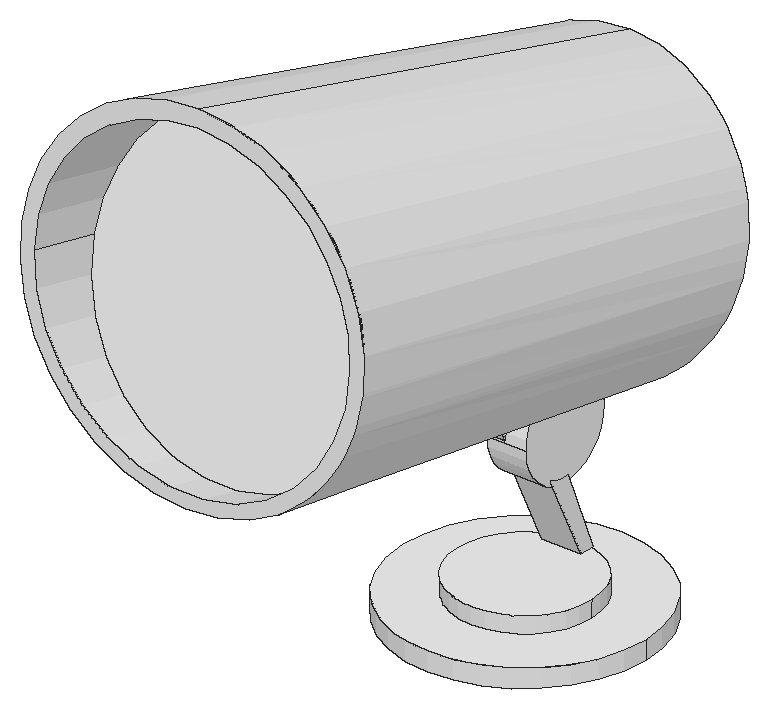
Revit family "Lighting-Accent-Acclaim-Dyna Accent Color", category Lighting Fixtures, host Face, Revit 2017
Family settings
  Host = Face
  Round Connector Dimension = Use Diameter
  Part Type = Normal
  Cut with Voids When Loaded = No
  Light Source = Yes
  Shared = No
  Room Calculation Point = No
Parameters (values of type "Dyna Accent Color")
  Wattage = 9.2903 W
  built-in parameter 1150110 = 1 (stored number, unit not read)
  Voltage = 0 V
  URL = "http://www.acclaimlighting.com/"
  built-in parameter 1114217 = 1 (stored number, unit not read)
  Tilt Angle = -90.00°
  built-in parameter 1150109 = 1 (stored number, unit not read)
  built-in parameter 1150134 = 3
  built-in parameter 1150113 = 1 (stored number, unit not read)
  Power Factor = 1
  Photometric Web File = "Load File"
  Number of Poles = 1
  built-in parameter 1150142 = (empty or 0)
  Model = "Dyna Accent Color"
  Manufacturer = "Acclaim Lighting"
  built-in parameter 1150105 = 109.82 (stored number, unit not read)
  Lumens = 1380 lm
  built-in parameter 1150115 = 1 (stored number, unit not read)
  built-in parameter 1150137 = (empty or 0)
  built-in parameter 1150139 = (empty or 0)
  built-in parameter 1150112 = 1 (stored number, unit not read)
  built-in parameter 1150114 = 1 (stored number, unit not read)
  Lamp = "LED"
  built-in parameter 1150132 = (empty or 0)
  built-in parameter 1150102 = (empty or 0)
  built-in parameter 1150107 = 3200 (stored number, unit not read)
  built-in parameter 1150138 = (empty or 0)
  built-in parameter 1150106 = 1.0982 (stored number, unit not read)
  Housing Finish = Aluminum
  Emit from Circle Diameter = 6.00"
  Emit Shape Visible in Rendering = no
  built-in parameter 1150104 = 13.8 (stored number, unit not read)
  Dimming Lamp Color Temperature Shift = <None>
  Description = "Accent Fixture"
  Default Elevation = 48.00"
  Color Filter = 16777215
  built-in parameter 1114218 = 1 (stored number, unit not read)
  built-in parameter 1150133 = 10 (stored number, unit not read)
  Apparent Load = 0 VA
Reference planes (in)
  plane 1 "Center (Front/Back)": y = 0
  plane 2: z = 0
  plane 3 "Center (Left/Right)": x = 0
  plane 4: x = -19.69922
  plane 5: x = 19.69922
  plane 6: y = 3.09961
  plane 7: z = 6.9048
  plane 8: y = -3.09961
  plane 9: y = -7.96156
Forms (in)
  Revolve 1, solid, material "Aluminum" <- "Housing Finish"
    sketch origin (0, -1.0887, -0.65067) x (0, 0.970296, -0.241922) y (0, 0.241922, 0.970296)
      loop
        line (-9.85895, 11.1368) -> (-9.85895, 7.5456) -> (2.04902, 7.5456)
        arc (2.04902, 7.5456) -> (1.99698, 9.04839) -> (1.73543, 10.52916) r 10.73346
        line (1.73543, 10.52916) -> (-9.85895, 11.1368)
      axis (-9.85895, 7.5456) -> (2.04902, 7.5456)
    angle from 0 to 360
  Extrusion 2, void
    sketch origin (0, -1.68006, -0.50323) x (0, 0.970296, -0.241922) y (0, 0.241922, 0.970296)
      loop
        line (-9.22334, 11.13684) -> (-9.55271, 11.13684) -> (-9.55271, 3.91328) -> (-7.77604, 3.91328) -> (-9.22334, 11.13684)
    from -3.66913 to 4.1117
  Extrusion 3, solid, material "Aluminum" <- "Housing Finish"
    sketch origin (0, 0, 0) x (0, 1, 0) y (0, 0, 1)
      loop
        circle (0.48705, 3.22469) r 1
    from 0 to 0.8013
  Extrusion 4, solid, material "Aluminum" <- "Housing Finish"
    sketch origin (0, 0, 0) x (0, 1, 0) y (0, 0, 1)
      loop
        line (-1.30758, 4.38498) -> (-0.77725, 3.85465) -> (-0.35463, 2.94834)
        arc (-0.35463, 2.94834) -> (0.86075, 2.41238) -> (1.23141, 3.68792) r 0.88274
        line (1.23141, 3.68792) -> (0.69274, 4.53044) -> (-1.30758, 4.38498)
    from 0 to 0.35636
  Extrusion 5, solid, material "Aluminum" <- "Housing Finish"
    sketch origin (0.5, -0.1875, 0) x (1, 0, 0) y (0, 1, 0)
      loop
        circle (0, 0.02065) r 2.5
    from 0 to 0.38352
  Extrusion 6, solid, material "Aluminum" <- "Housing Finish"
    sketch origin (0.5, -0.20312, 0) x (1, 0, 0) y (0, 1, 0)
      loop
        circle (0, 0.03143) r 1.38041
    from 0.38352 to 0.71748
  Extrusion 7, solid, material "Aluminum" <- "Housing Finish"
    sketch origin (0, 0, 0) x (0, 1, 0) y (0, 0, 1)
      loop
        line (0.0963, 2.42118) -> (0.89075, 0.71748) -> (1.20871, 0.71748) -> (0.55626, 2.33234)
        arc (0.55626, 2.33234) -> (0.32028, 2.34569) -> (0.0963, 2.42118) r 0.88274
    from 0 to 0.8013
  Extrusion 8, void
    sketch origin (-0.03125, -1.0887, -0.65067) x (1, 0, 0) y (0, 0.241922, 0.970296)
      loop
        circle (0.03125, 7.53945) r 3.25
    from 7.54839 to 10.16217
Cuts and joins
  Extrusion 2, Extrusion 8 cuts Revolve 1
Dimensions and locks (in)
  equal spacing: plane 4, plane 3 "Center (Left/Right)", plane 5
  plane 4 to plane 5 = 39.39844"
  equal spacing: plane 5, plane 3 "Center (Left/Right)", plane 4
  plane 5 to plane 4 = 39.39844"
  equal spacing: plane 8, plane 1 "Center (Front/Back)", plane 6
  plane 8 to plane 6 = 6.19922"
  plane 6 to plane 9 = 11.06117"
  aligned and locked: plane 2 to host face
  aligned and locked: level to host face
  aligned and locked: Extrusion 6 to Extrusion 5
  aligned and locked: imposter light to cut or joined group of Revolve 1, Extrusion 2, Extrusion 8
Automatic sketch dimensions
  host sketch curve to host sketch curve = 96.00"  (x2)
  Extrusion 3 sketch curve to plane 1 "Center (Front/Back)" = 0.48705"
  level to Extrusion 3 sketch curve = 3.22469"
  plane 1 "Center (Front/Back)" to Extrusion 4 sketch curve = 0.77725"
  plane 1 "Center (Front/Back)" to Extrusion 4 sketch curve = 0.35463"
  Extrusion 4 sketch curve to plane 1 "Center (Front/Back)" = 0.48769"
  Extrusion 4 sketch curve to Extrusion 4 sketch curve = 0.74372"
  level to Extrusion 4 sketch curve = 2.94834"
  Extrusion 4 sketch curve to Extrusion 4 sketch curve = 0.26407"
  Extrusion 4 sketch curve to Extrusion 4 sketch curve = 0.90631"
  Extrusion 4 sketch curve to Extrusion 4 sketch curve = 0.53033"  (x2)
  Extrusion 4 sketch curve to plane 1 "Center (Front/Back)" = 0.69274"
  Extrusion 4 sketch curve to Extrusion 4 sketch curve = 0.84251"
  plane 3 "Center (Left/Right)" to Extrusion 5 sketch curve = 0.50"
  plane 1 "Center (Front/Back)" to Extrusion 5 sketch curve = 0.16685"
  plane 3 "Center (Left/Right)" to Extrusion 6 sketch curve = 0.50"
  plane 1 "Center (Front/Back)" to Extrusion 6 sketch curve = 0.1717"
  Extrusion 7 sketch curve to plane 1 "Center (Front/Back)" = 0.48769"
  Extrusion 7 sketch curve to plane 1 "Center (Front/Back)" = 0.89075"
  Extrusion 7 sketch curve to Extrusion 7 sketch curve = 0.31796"
  level to Extrusion 7 sketch curve = 0.71748"
  Extrusion 7 sketch curve to Extrusion 7 sketch curve = 2.49494"
  Extrusion 7 sketch curve to plane 1 "Center (Front/Back)" = 0.0963"
  Extrusion 7 sketch curve to Extrusion 7 sketch curve = 0.45996"
  Extrusion 7 sketch curve to Extrusion 7 sketch curve = 0.88007"
  Extrusion 8 sketch curve to plane 3 "Center (Left/Right)" = 0.00"
  Revolve 1 sketch curve to plane 9 = 0.001"
  Revolve 1 sketch curve to plane 7 = 5.63562"
  Revolve 1 sketch curve to Revolve 1 sketch curve = 1.18127"
  Revolve 1 sketch curve to Revolve 1 sketch curve = 10.41312"
  Revolve 1 sketch curve to Revolve 1 sketch curve = 0.31359"
  Revolve 1 sketch curve to Revolve 1 sketch curve = 0.60764"
  Revolve 1 sketch curve to Revolve 1 sketch curve = 3.21036"
  Revolve 1 sketch curve to Revolve 1 sketch curve = 1.32091"
  Revolve 1 sketch curve to Revolve 1 sketch curve = 2.84421"
  Revolve 1 sketch curve to Revolve 1 sketch curve = 0.00"
  plane 9 to Extrusion 2 sketch curve = 0.2932"
  Extrusion 2 sketch curve to plane 7 = 5.70902"
  Extrusion 2 sketch curve to Extrusion 2 sketch curve = 0.32937"
  Extrusion 2 sketch curve to Extrusion 2 sketch curve = 1.77666"
  Extrusion 2 sketch curve to Extrusion 2 sketch curve = 7.22357"
  radius of Extrusion 3 sketch curve = 1.00"
  radius of Extrusion 5 sketch curve = 2.50"
  radius of Extrusion 6 sketch curve = 1.38041"
  radius of Extrusion 8 sketch curve = 3.25"
Connectors (in)
  electrical at (0.5, -0.16685, 0), driven by "Number of Poles", driven by "Voltage", driven by "Apparent Load", driven by "Power Factor"
    settings: on Extrusion 5, index 1, voltage 0 V, apparent load 0 VA, apparent load phase1 0 VA, apparent load phase2 0 VA, apparent load phase3 0 VA, power factor 1, load classification "Other", number of poles 1, system type 31, power factor state 1, is connector primary yes, connector utility no, sub classification motor no, connector description ""
